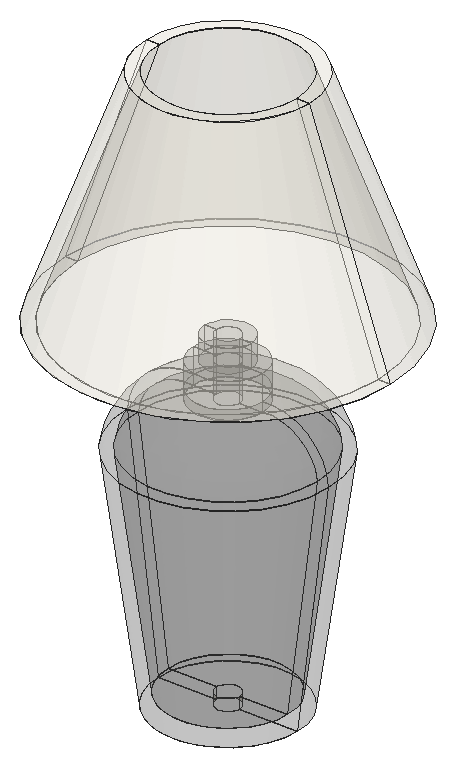
Revit family
Parameters (values of type "100 watt Incandescent")
  Wattage = 12.1178 W
  built-in parameter 1150110 = 1 (stored number, unit not read)
  built-in parameter 1114217 = 1 (stored number, unit not read)
  built-in parameter 1150109 = 1 (stored number, unit not read)
  built-in parameter 1150134 = 3
  built-in parameter 1150113 = 1 (stored number, unit not read)
  built-in parameter 1150105 = 143.24 (stored number, unit not read)
  built-in parameter 1150115 = 1 (stored number, unit not read)
  Light Source Symbol Size = 609.6 mm
  built-in parameter 1150137 = (empty or 0)
  built-in parameter 1150139 = (empty or 0)
  built-in parameter 1150112 = 1 (stored number, unit not read)
  built-in parameter 1150114 = 1 (stored number, unit not read)
  Keynote = "V"
  Material Base = Plastic - Black
  Lamp = "A-21"
  Lumens = 1800 lm
  Material Shade = Glass - Frosted
  Wattage Comments = "100"
  built-in parameter 1150132 = 2
  built-in parameter 1150102 = (empty or 0)
  built-in parameter 1150107 = 3200 (stored number, unit not read)
  built-in parameter 1150138 = (empty or 0)
  built-in parameter 1150106 = 1.4324 (stored number, unit not read)
  built-in parameter 1150104 = 13.8 (stored number, unit not read)
  Dimming Lamp Color Temperature Shift = (empty or 0)
  Color Filter = 16777215
  built-in parameter 1114218 = 1 (stored number, unit not read)
  built-in parameter 1150133 = 10 (stored number, unit not read)
Types (3, lengths in mm): name | Wattage | built-in parameter 1150105 | Lamp | Lumens | Wattage Comments | built-in parameter 1150106
  (no name) | 12.1178 W | 143.24 (stored number, unit not read) | "A-21" | 1800 lm | "100" | 1.4324 (stored number, unit not read)
  60 watt Incandescent | 7.27067 W | 85.944 (stored number, unit not read) | "A-19" | 1080 lm | "60" | 0.85944 (stored number, unit not read)
  100 watt Incandescent | 12.1178 W | 143.24 (stored number, unit not read) | "A-21" | 1800 lm | "100" | 1.4324 (stored number, unit not read)
Reference planes
  plane 1 "Light Source Axis": y = 0
  plane 2: z = 0
  plane 3 "Light Source Axis": x = 0
  plane 4 "Light Source Elevation": z = 482.6
Forms (mm)
  Revolve 1, solid, material "Plastic - Black" <- "Material Base"
    sketch origin (0, 0, 0) x (1, 0, 0) y (0, 0, 1)
      loop
        line (12.7, 0) -> (76.2, 0) -> (110.729, 251.66)
        arc (110.729, 251.66) -> (86.628, 296.269) -> (38.1, 310.962) r 66.562
        line (38.1, 310.962) -> (38.1, 300.415)
        arc (38.1, 300.415) -> (77.735, 289.414) -> (98.187, 253.725) r 54.117
        line (98.187, 253.725) -> (65.543, 12.7) -> (12.7, 12.7) -> (12.7, 0)
      axis (0, 0) -> (0, 310.962)
    angle from 0 to 360
  Revolve 2, solid, material "Plastic - Black" <- "Material Base"
    sketch origin (0, 0, 0) x (1, 0, 0) y (0, 0, 1)
      loop
        line (38.1, 300.415) -> (38.1, 338.515) -> (12.7, 338.515) -> (12.7, 300.415) -> (38.1, 300.415)
      axis (0, 338.515) -> (0, 300.415)
    angle from 0 to 360
  Revolve 3, solid, material "Plastic - Black" <- "Material Base"
    sketch origin (0, 0, 0) x (1, 0, 0) y (0, 0, 1)
      loop
        line (12.7, 338.515) -> (25.4, 338.515) -> (25.4, 363.915) -> (12.7, 363.915) -> (12.7, 338.515)
      axis (0, 363.915) -> (0, 338.515)
    angle from 0 to 360
  Revolve 4, solid, material "Glass - Frosted" <- "Material Shade"
    sketch origin (0, 0, 0) x (1, 0, 0) y (0, 0, 1)
      loop
        line (164.732, 376.823) -> (178.671, 376.823) -> (89.373, 622.168) -> (75.433, 622.168) -> (164.732, 376.823)
      axis (0, 622.168) -> (0, 376.823)
    angle from 0 to 360
Lines and regions (mm)
  symbolic lines
    curve 1: arc (178.671, 0, 0) -> (0, 178.671, 0) -> (-178.671, 0, 0) r 178.671
    curve 2: arc (-178.671, 0, 0) -> (0, -178.671, 0) -> (178.671, 0, 0) r 178.671
    curve 3: arc (89.373, 0, 0) -> (0, 89.373, 0) -> (-89.373, 0, 0) r 89.373
    curve 4: arc (-89.373, 0, 0) -> (0, -89.373, 0) -> (89.373, 0, 0) r 89.373
Dimensions and locks
  aligned and locked: imposter light to plane 3 "Light Source Axis"
  aligned and locked: plane 1 "Light Source Axis" to imposter light
  aligned and locked: plane 4 "Light Source Elevation" to imposter light
